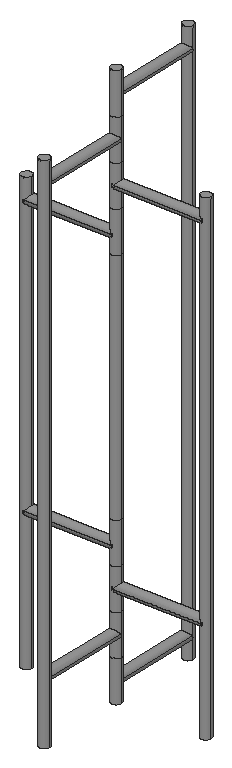
Revit family "Ceiba-LivingDivani", category Furniture, Revit 2014
Parameters (values of type "55x165")
  URL = "http://www.livingdivani.it"
  Model = "Ceiba"
  Mat. Struttura = Zinc
  Manufacturer = "LivingDivani"
  Codice prodotto = "CEIA055"
Reference planes (cm)
  plane 1 "Centro (Fronte/Retro)": y = 0
  plane 2: z = 0
  plane 3 "Centro (Sinistra/Destra)": x = 0
  plane 4: y = 24.5
  plane 5: y = -24.5
Forms (cm)
  Extrusion 1, solid, material "Zinc" <- "Mat. Struttura"
    sketch origin (5.1938, 100.4063, 153) x (1, 0, 0) y (0, 1, 0)
      loop
        circle (-5.1938, -100.4063) r 1.5
    from 0 to 12
  Extrusion 2, solid, material "Zinc" <- "Mat. Struttura"
    sketch origin (-20.9428, 100.4063, 0) x (1, 0, 0) y (0, 1, 0)
      loop
        circle (20.9428, -100.4063) r 1.5079
    from 0 to 12
  Extrusion 3, solid, material "Zinc" <- "Mat. Struttura"
    sketch origin (5.1938, 100.4063, 12) x (1, 0, 0) y (0, 1, 0)
      loop
        circle (-5.1938, -100.4063) r 1.5
    from 0 to 12
  Extrusion 4, solid, material "Zinc" <- "Mat. Struttura"
    sketch origin (5.1938, 100.4063, 141) x (1, 0, 0) y (0, 1, 0)
      loop
        circle (-5.1938, -100.4063) r 1.5
    from 0 to 12
  Extrusion 5, solid, material "Zinc" <- "Mat. Struttura"
    sketch origin (5.1938, 100.4063, 129) x (1, 0, 0) y (0, 1, 0)
      loop
        circle (-5.1938, -100.4063) r 1.5
    from 0 to 12
  Extrusion 6, solid, material "Zinc" <- "Mat. Struttura"
    sketch origin (5.1938, 100.4063, 117) x (1, 0, 0) y (0, 1, 0)
      loop
        circle (-5.1938, -100.4063) r 1.5
    from 0 to 12
  Extrusion 7, solid, material "Zinc" <- "Mat. Struttura"
    sketch origin (5.1938, 100.4063, 24) x (1, 0, 0) y (0, 1, 0)
      loop
        circle (-5.1938, -100.4063) r 1.5
    from 0 to 12
  Extrusion 8, solid, material "Zinc" <- "Mat. Struttura"
    sketch origin (5.1938, 100.4063, 36) x (1, 0, 0) y (0, 1, 0)
      loop
        circle (-5.1938, -100.4063) r 1.5
    from 0 to 12
  Extrusion 9, solid, material "Zinc" <- "Mat. Struttura"
    sketch origin (5.1938, 100.4063, 105) x (1, 0, 0) y (0, 1, 0)
      loop
        circle (-5.1938, -100.4063) r 1.5
    from -57 to 12
  Sweep 10, solid, material "Zinc" <- "Mat. Struttura"
    path origin (0, 0, 165) x (-1, 0, 0) y (0, -1, 0)
      loop
        line (0, -26) -> (0, 0)
    profile origin (0, 13, 165) x (1, 0, 0) y (0, 0, 1)
      loop
        circle (0, -6) r 1.5
  Sweep 11, solid, material "Zinc" <- "Mat. Struttura"
    path origin (0, 0, 12) x (-1, 0, 0) y (0, -1, 0)
      loop
        line (0, -26) -> (0, 0)
    profile origin (0, 13, 12) x (1, 0, 0) y (0, 0, 1)
      loop
        circle (0, -6) r 1.5
  Sweep 12, solid, material "Zinc" <- "Mat. Struttura"
    path origin (0, -24.5, 153) x (-1, 0, 0) y (0, -1, 0)
      loop
        line (0, -24.5) -> (0, 1.5)
    profile origin (0, -13, 153) x (1, 0, 0) y (0, 0, 1)
      loop
        circle (0, -6) r 1.5
  Sweep 13, solid, material "Zinc" <- "Mat. Struttura"
    path origin (0, -24.5, 24) x (-1, 0, 0) y (0, -1, 0)
      loop
        line (0, -24.5) -> (0, 1.5)
    profile origin (0, -13, 24) x (1, 0, 0) y (0, 0, 1)
      loop
        circle (0, -6) r 1.5
  Sweep 14, solid, material "Zinc" <- "Mat. Struttura"
    path origin (0, 0, 167) x (-1, 0, 0) y (0, -1, 0)
      loop
        line (0, 0) -> (-26, 0)
    profile origin (13, 0, 167) x (0, 1, 0) y (0, 0, 1)
      loop
        circle (0, -32) r 1.5
  Sweep 15, solid, material "Zinc" <- "Mat. Struttura"
    path origin (0, 0, 62) x (-1, 0, 0) y (0, -1, 0)
      loop
        line (0, 0) -> (-26, 0)
    profile origin (13, 0, 62) x (0, 1, 0) y (0, 0, 1)
      loop
        circle (0, -32) r 1.5
  Sweep 16, solid, material "Zinc" <- "Mat. Struttura"
    path origin (-24.5, 0, 154) x (-1, 0, 0) y (0, -1, 0)
      loop
        line (1.5, 0) -> (-24.5, 0)
    profile origin (-13, 0, 154) x (0, 1, 0) y (0, 0, 1)
      loop
        circle (0, -32) r 1.5
  Sweep 17, solid, material "Zinc" <- "Mat. Struttura"
    path origin (-24.5, 0, 73) x (-1, 0, 0) y (0, -1, 0)
      loop
        line (1.5, 0) -> (-24.5, 0)
    profile origin (-13, 0, 73) x (0, 1, 0) y (0, 0, 1)
      loop
        circle (0, -32) r 1.5
  Extrusion 18, solid, material "Zinc" <- "Mat. Struttura"
    sketch origin (31.2967, 100.4063, 0) x (1, 0, 0) y (0, 1, 0)
      loop
        circle (-5.1938, -100.4063) r 1.5
    from 0 to 141
  Extrusion 19, solid, material "Zinc" <- "Mat. Struttura"
    sketch origin (5.1938, 74.3063, 0) x (1, 0, 0) y (0, 1, 0)
      loop
        circle (-5.1938, -100.4063) r 1.5
    from 0 to 153
  Extrusion 20, solid, material "Zinc" <- "Mat. Struttura"
    sketch origin (-20.9062, 100.4063, 0) x (1, 0, 0) y (0, 1, 0)
      loop
        circle (-5.1938, -100.4063) r 1.5
    from 0 to 128
  Extrusion 21, solid, material "Zinc" <- "Mat. Struttura"
    sketch origin (5.1938, 126.5063, 0) x (1, 0, 0) y (0, 1, 0)
      loop
        circle (-5.1938, -100.4063) r 1.5
    from 0 to 165
Dimensions and locks (cm)
  aligned and locked: level to plane 2
